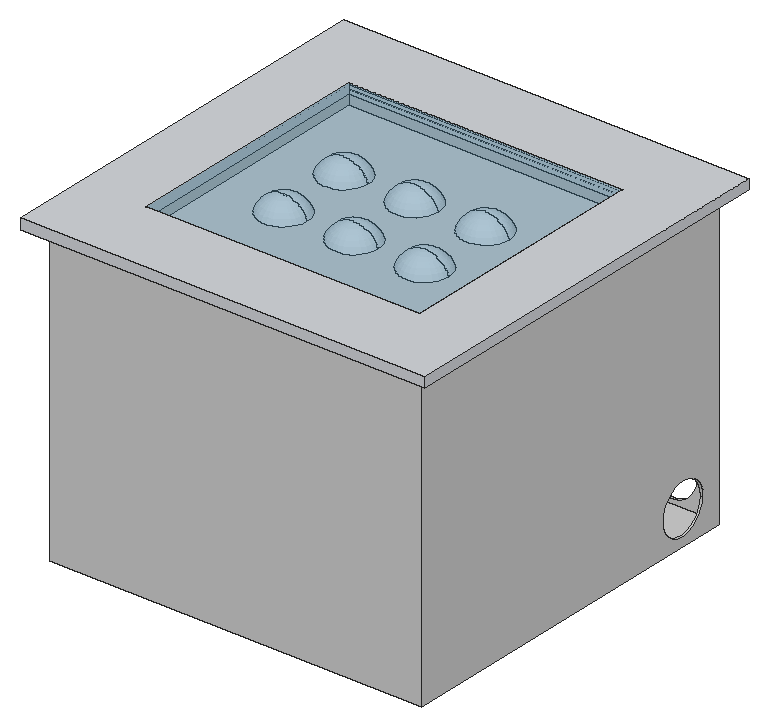
Revit family "WALL SQUARE 6W SIMETRICA_LKB0635A_WW", category Luminarias, Revit 2019
Family settings
  Cota de conector redondo = Diámetro de uso
  Tipo de pieza = Normal
  Se basa en plano de trabajo = Sí
  Siempre vertical = No
  Corte con vacíos al cargar = No
  Origen de luz = Sí
  Compartido = No
  Punto de cálculo de habitación = No
Parameters (values of type "EMP_LKB0635A.13")
  Ángulo de inclinación = 105.00°
  Ángulo de enfoque = 13.00°
  Ángulo de campo de foco = 13.00°
  Zone [instance] = ""
  Watt per fixture = 6
  Wattage = 6 W
  built-in parameter 1150107 = 2000 (stored number, unit not read)
  built-in parameter 1150110 = 1 (stored number, unit not read)
  built-in parameter 1150109 = 1 (stored number, unit not read)
  built-in parameter 1150112 = 1 (stored number, unit not read)
  built-in parameter 1150113 = 1 (stored number, unit not read)
  built-in parameter 1114218 = 1 (stored number, unit not read)
  Keynote = ""
  built-in parameter 1150137 = (empty or 0)
  built-in parameter 1150132 = (empty or 0)
  Modelo = "LKB0635A.13"
  Lámpara = "OSRAM"
  Longitud de símbolo de origen de luz = 500 mm
  Longitud [instance] = 1000 mm
  built-in parameter 1150105 = 1738.2 (stored number, unit not read)
  built-in parameter 1150102 = (empty or 0)
  built-in parameter 1150106 = 17.382 (stored number, unit not read)
  Lumens = 268.98 lm
  Color Filter = 16777215
  built-in parameter 1114217 = 1 (stored number, unit not read)
  built-in parameter 1150139 = (empty or 0)
  Fabricante = "BRILLANT"
  Default Elevation = 0 mm
  built-in parameter 1150104 = 4.1648 (stored number, unit not read)
  Descripción = "LUMINARIA TIPO CUADRADO PARA EMPOTRAR EN PISO CON CUERPO DE ALUMINIO FUNDIDO A PRESION, CUBIERTO CON POLVO GRIS OSCURO CON CUBIERTA DE ACERO INOXIDABLE Y VIDRIO TEMPLADO DE 8MM, HOUSING DE METAL 1.5MM CUBIERTO DE POLVO GRIS OSCURO DE 160MM Y 118MM DE PROFUNDO CON PESO DE 2.5KG. CUENTA CON 6 LED TIPO OSRAM CON UNA POTENCIA TOTAL DE 6W, TEMPERATURA EN BLANCO ULTRA CALIDO EN 2000K CON 269 LUMENES, IP67, IK09, IRC 80 APERTURA EN 13 GRADOS POR PROYECTO, ALIMENTADA A 100-240V."
  built-in parameter 1150115 = 1 (stored number, unit not read)
  built-in parameter 1150114 = 1 (stored number, unit not read)
  Comentarios de vataje = "100-240V"
  built-in parameter 1150138 = (empty or 0)
  built-in parameter 1150134 = (empty or 0)
  Circuit [instance] = ""
  Dimming Lamp Color Temperature Shift = (empty or 0)
  Ancho = 160 mm
  built-in parameter 1150133 = 10 (stored number, unit not read)
Types (8, lengths in mm): name | Ángulo de enfoque | Ángulo de campo de foco | built-in parameter 1150107 | Modelo | Descripción
  EMP_LKB0635A.30 | 30.00° | 30.00° | 2000 (stored number, unit not read) | "LKB0635A.30" | "LUMINARIA TIPO CUADRADO PARA EMPOTRAR EN PISO CON CUERPO DE ALUMINIO FUNDIDO A PRESION, CUBIERTO CON POLVO GRIS OSCURO CON CUBIERTA DE ACERO INOXIDABLE Y VIDRIO TEMPLADO DE 8MM, HOUSING DE METAL 1.5MM CUBIERTO DE POLVO GRIS OSCURO DE 160MM Y 118MM DE PROFUNDO CON PESO DE 2.5KG. CUENTA CON 6 LED TIPO OSRAM CON UNA POTENCIA TOTAL DE 6W, TEMPERATURA EN BLANCO ULTRA CALIDO EN 2000K CON 269 LUMENES, IP67, IK09, IRC 80 APERTURA EN 30 GRADOS POR STOCK, ALIMENTADA A 100-240V."
  EMP_LKB0635A.6 | 6.00° | 6.00° | 2000 (stored number, unit not read) | "LKB0635A.6" | "LUMINARIA TIPO CUADRADO PARA EMPOTRAR EN PISO CON CUERPO DE ALUMINIO FUNDIDO A PRESION, CUBIERTO CON POLVO GRIS OSCURO CON CUBIERTA DE ACERO INOXIDABLE Y VIDRIO TEMPLADO DE 8MM, HOUSING DE METAL 1.5MM CUBIERTO DE POLVO GRIS OSCURO DE 160MM Y 118MM DE PROFUNDO CON PESO DE 2.5KG. CUENTA CON 6 LED TIPO OSRAM CON UNA POTENCIA TOTAL DE 6W, TEMPERATURA EN BLANCO ULTRA CALIDO EN 2000K CON 269 LUMENES, IP67, IK09, IRC 80 APERTURA EN 6 GRADOS POR PROYECTO, ALIMENTADA A 100-240V."
  EMP_LKB0635A.13 | 13.00° | 13.00° | 2000 (stored number, unit not read) | "LKB0635A.13" | "LUMINARIA TIPO CUADRADO PARA EMPOTRAR EN PISO CON CUERPO DE ALUMINIO FUNDIDO A PRESION, CUBIERTO CON POLVO GRIS OSCURO CON CUBIERTA DE ACERO INOXIDABLE Y VIDRIO TEMPLADO DE 8MM, HOUSING DE METAL 1.5MM CUBIERTO DE POLVO GRIS OSCURO DE 160MM Y 118MM DE PROFUNDO CON PESO DE 2.5KG. CUENTA CON 6 LED TIPO OSRAM CON UNA POTENCIA TOTAL DE 6W, TEMPERATURA EN BLANCO ULTRA CALIDO EN 2000K CON 269 LUMENES, IP67, IK09, IRC 80 APERTURA EN 13 GRADOS POR PROYECTO, ALIMENTADA A 100-240V."
  EMP_LKB0635A.20 | 20.00° | 20.00° | 2000 (stored number, unit not read) | "LKB0635A.20" | "LUMINARIA TIPO CUADRADO PARA EMPOTRAR EN PISO CON CUERPO DE ALUMINIO FUNDIDO A PRESION, CUBIERTO CON POLVO GRIS OSCURO CON CUBIERTA DE ACERO INOXIDABLE Y VIDRIO TEMPLADO DE 8MM, HOUSING DE METAL 1.5MM CUBIERTO DE POLVO GRIS OSCURO DE 160MM Y 118MM DE PROFUNDO CON PESO DE 2.5KG. CUENTA CON 6 LED TIPO OSRAM CON UNA POTENCIA TOTAL DE 6W, TEMPERATURA EN BLANCO ULTRA CALIDO EN 2000K CON 269 LUMENES, IP67, IK09, IRC 80 APERTURA EN 20 GRADOS POR PROYECTO, ALIMENTADA A 100-240V."
  EMP_LKB0635WW.30 | 30.00° | 30.00° | 3000 (stored number, unit not read) | "LKB0635WW.30" | "LUMINARIA TIPO CUADRADO PARA EMPOTRAR EN PISO CON CUERPO DE ALUMINIO FUNDIDO A PRESION, CUBIERTO CON POLVO GRIS OSCURO CON CUBIERTA DE ACERO INOXIDABLE Y VIDRIO TEMPLADO DE 8MM, HOUSING DE METAL 1.5MM CUBIERTO DE POLVO GRIS OSCURO DE 160MM Y 118MM DE PROFUNDO CON PESO DE 2.5KG. CUENTA CON 6 LED TIPO OSRAM CON UNA POTENCIA TOTAL DE 6W, TEMPERATURA EN BLANCO CALIDO EN 3000K CON 269 LUMENES, IP67, IK09, IRC 80 APERTURA EN 30 GRADOS POR STOCK, ALIMENTADA A 100-240V."
  EMP_LKB0635WW.6 | 6.00° | 6.00° | 3000 (stored number, unit not read) | "LKB0635WW.6" | "LUMINARIA TIPO CUADRADO PARA EMPOTRAR EN PISO CON CUERPO DE ALUMINIO FUNDIDO A PRESION, CUBIERTO CON POLVO GRIS OSCURO CON CUBIERTA DE ACERO INOXIDABLE Y VIDRIO TEMPLADO DE 8MM, HOUSING DE METAL 1.5MM CUBIERTO DE POLVO GRIS OSCURO DE 160MM Y 118MM DE PROFUNDO CON PESO DE 2.5KG. CUENTA CON 6 LED TIPO OSRAM CON UNA POTENCIA TOTAL DE 6W, TEMPERATURA EN BLANCO CALIDO EN 3000K CON 269 LUMENES, IP67, IK09, IRC 80 APERTURA EN 6 GRADOS POR PROYECTO, ALIMENTADA A 100-240V."
  EMP_LKB0635WW.13 | 13.00° | 13.00° | 3000 (stored number, unit not read) | "LKB0635WW.13" | "LUMINARIA TIPO CUADRADO PARA EMPOTRAR EN PISO CON CUERPO DE ALUMINIO FUNDIDO A PRESION, CUBIERTO CON POLVO GRIS OSCURO CON CUBIERTA DE ACERO INOXIDABLE Y VIDRIO TEMPLADO DE 8MM, HOUSING DE METAL 1.5MM CUBIERTO DE POLVO GRIS OSCURO DE 160MM Y 118MM DE PROFUNDO CON PESO DE 2.5KG. CUENTA CON 6 LED TIPO OSRAM CON UNA POTENCIA TOTAL DE 6W, TEMPERATURA EN BLANCO CALIDO EN 3000K CON 269 LUMENES, IP67, IK09, IRC 80 APERTURA EN 13 GRADOS POR PROYECTO, ALIMENTADA A 100-240V."
  EMP_LKB0635WW.20 | 20.00° | 20.00° | 3000 (stored number, unit not read) | "LKB0635WW.20" | "LUMINARIA TIPO CUADRADO PARA EMPOTRAR EN PISO CON CUERPO DE ALUMINIO FUNDIDO A PRESION, CUBIERTO CON POLVO GRIS OSCURO CON CUBIERTA DE ACERO INOXIDABLE Y VIDRIO TEMPLADO DE 8MM, HOUSING DE METAL 1.5MM CUBIERTO DE POLVO GRIS OSCURO DE 160MM Y 118MM DE PROFUNDO CON PESO DE 2.5KG. CUENTA CON 6 LED TIPO OSRAM CON UNA POTENCIA TOTAL DE 6W, TEMPERATURA EN BLANCO CALIDO EN 3000K CON 269 LUMENES, IP67, IK09, IRC 80 APERTURA EN 20 GRADOS POR PROYECTO, ALIMENTADA A 100-240V."
Reference planes
  plane 1 "Centro (Frontal/Posterior)": y = 0
  plane 2: z = 0
  plane 3 "Centro (Izquierda/Derecha)": x = 0
  plane 4: z = -79
  plane 5: x = -80
  plane 6: x = 80
  plane 7: y = 80
  plane 8: y = -80
  plane 9: z = -118
Forms (mm)
  Extrusion 1, solid
    sketch origin (0, 0, 0) x (1, 0, 0) y (0, 1, 0)
      loop
        line (-80, 80) -> (-80, -80) -> (80, -80) -> (80, 80) -> (-80, 80)
      loop
        line (-54.094, 50.157) -> (-54.094, -50.157) -> (54.094, -50.157) -> (54.094, 50.157) -> (-54.094, 50.157)
    from 0 to 4.111
  Extrusion 2, solid, material "Cristal"
    sketch origin (0, 0, 0) x (1, 0, 0) y (0, 1, 0)
      loop
        line (-54.094, 50.157) -> (-54.094, -50.157) -> (54.094, -50.157) -> (54.094, 50.157) -> (-54.094, 50.157)
    from 3.463 to 4.111
  Extrusion 3, solid, material "Acero Inoxidable"
    sketch origin (0, 0, 0) x (1, 0, 0) y (0, 1, 0)
      loop
        line (-67.186, 68.008) -> (-67.186, -68.008) -> (67.186, -68.008) -> (67.186, 68.008) -> (-67.186, 68.008)
    from -11.843 to -3.924
  Revolve 4, solid
    sketch origin (-12.115, -15, 0) x (-1, 0, 0) y (0, 0, 1)
      loop
        line (-21.594, -3.924) -> (-12.115, -3.924) -> (-12.115, 2.514)
        arc (-12.115, 2.514) -> (-17.844, 0.752) -> (-21.594, -3.924) r 10.197
      axis (-12.115, -3.924) -> (-12.115, 2.514)
    angle from 0 to 360
  Revolve 5, solid
    sketch origin (-15.865, -15, 0) x (1, 0, 0) y (0, 0, -1)
      loop
        arc (-21.594, 3.924) -> (-17.844, -0.752) -> (-12.115, -2.514) r 10.197
        line (-12.115, -2.514) -> (-12.115, 3.924) -> (-21.594, 3.924)
      axis (-12.115, 3.924) -> (-12.115, -2.514)
    angle from 0 to 360
  Extrusion 6, solid, material "Acero Inoxidable"
    sketch origin (0, 0, 0) x (1, 0, 0) y (0, 1, 0)
      loop
        line (-67.186, 68.008) -> (-67.186, -68.008) -> (67.186, -68.008) -> (67.186, 68.008) -> (-67.186, 68.008)
      loop
        line (-54.094, 50.157) -> (-54.094, -50.157) -> (54.094, -50.157) -> (54.094, 50.157) -> (-54.094, 50.157)
    from -3.924 to 2.027
  Revolve 7, solid
    sketch origin (-12.115, 15, 0) x (-1, 0, 0) y (0, 0, -1)
      loop
        arc (-21.594, 3.924) -> (-17.844, -0.752) -> (-12.115, -2.514) r 10.197
        line (-12.115, -2.514) -> (-12.115, 3.924) -> (-21.594, 3.924)
      axis (-12.115, 3.924) -> (-12.115, -2.514)
    angle from 0 to 360
  Revolve 8, solid
    sketch origin (-15.865, 15, 0) x (1, 0, 0) y (0, 0, 1)
      loop
        line (-21.594, -3.924) -> (-12.115, -3.924) -> (-12.115, 2.514)
        arc (-12.115, 2.514) -> (-17.844, 0.752) -> (-21.594, -3.924) r 10.197
      axis (-12.115, -3.924) -> (-12.115, 2.514)
    angle from 0 to 360
  Extrusion 9, solid, material "Acero Inoxidable"
    sketch origin (0, 0, 0) x (1, 0, 0) y (0, 1, 0)
      loop
        line (-63.03, 63.784) -> (-63.03, 25.405)
        arc (-63.03, 25.405) -> (-60.985, 23.359) -> (-63.03, 21.314) r 2.045
        line (-63.03, 21.314) -> (-63.03, 18.757)
        arc (-63.03, 18.757) -> (-60.985, 16.712) -> (-63.03, 14.666) r 2.045
        line (-63.03, 14.666) -> (-63.03, 12.109)
        arc (-63.03, 12.109) -> (-60.985, 10.064) -> (-63.03, 8.019) r 2.045
        line (-63.03, 8.019) -> (-63.03, 5.462)
        arc (-63.03, 5.462) -> (-60.985, 3.416) -> (-63.03, 1.371) r 2.045
        line (-63.03, 1.371) -> (-63.03, -18.871)
        arc (-63.03, -18.871) -> (-60.985, -20.916) -> (-63.03, -22.962) r 2.045
        line (-63.03, -22.962) -> (-63.03, -25.519)
        arc (-63.03, -25.519) -> (-60.985, -27.564) -> (-63.03, -29.609) r 2.045
        line (-63.03, -29.609) -> (-63.03, -32.166)
        arc (-63.03, -32.166) -> (-60.985, -34.212) -> (-63.03, -36.257) r 2.045
        line (-63.03, -36.257) -> (-63.03, -38.814)
        arc (-63.03, -38.814) -> (-60.985, -40.859) -> (-63.03, -42.905) r 2.045
        line (-63.03, -42.905) -> (-63.03, -63.784) -> (63.03, -63.784) -> (63.03, -42.905)
        arc (63.03, -42.905) -> (60.985, -40.859) -> (63.03, -38.814) r 2.045
        line (63.03, -38.814) -> (63.03, -36.257)
        arc (63.03, -36.257) -> (60.985, -34.212) -> (63.03, -32.166) r 2.045
        line (63.03, -32.166) -> (63.03, -29.609)
        arc (63.03, -29.609) -> (60.985, -27.564) -> (63.03, -25.519) r 2.045
        line (63.03, -25.519) -> (63.03, -22.962)
        arc (63.03, -22.962) -> (60.985, -20.916) -> (63.03, -18.871) r 2.045
        line (63.03, -18.871) -> (63.03, 1.371)
        arc (63.03, 1.371) -> (60.985, 3.416) -> (63.03, 5.462) r 2.045
        line (63.03, 5.462) -> (63.03, 8.019)
        arc (63.03, 8.019) -> (60.985, 10.064) -> (63.03, 12.109) r 2.045
        line (63.03, 12.109) -> (63.03, 14.666)
        arc (63.03, 14.666) -> (60.985, 16.712) -> (63.03, 18.757) r 2.045
        line (63.03, 18.757) -> (63.03, 21.314)
        arc (63.03, 21.314) -> (60.985, 23.359) -> (63.03, 25.405) r 2.045
        line (63.03, 25.405) -> (63.03, 63.784) -> (-63.03, 63.784)
    from -79 to -11.843
  Extrusion 10, solid, material "Acero Inoxidable"
    sketch origin (0, 0, 0) x (1, 0, 0) y (0, 1, 0)
      loop
        line (30.126, 56.971) -> (26.662, 62.97) -> (19.735, 62.97) -> (16.271, 56.971) -> (19.735, 50.971) -> (26.662, 50.971) -> (30.126, 56.971)
    from -84.158 to -79
  Revolve 11, solid, material "Default Form"
    sketch origin (11.084, 39.506, -84.082) x (-1, 0, 0) y (0, 0, -1)
      loop
        line (-17.857, 0.076) -> (-12.115, 0.076) -> (-12.115, 3.18)
        arc (-12.115, 3.18) -> (-15.379, 2.354) -> (-17.857, 0.076) r 6.863
      axis (-12.115, 0.076) -> (-12.115, 3.18)
    angle from 0 to 360
  Extrusion 12, solid, material "Default Form"
    sketch origin (0, 0, 0) x (1, 0, 0) y (0, 1, 0)
      loop
        circle (23.199, 57.006) r 3.292
    from -113.143 to -81.094
  Extrusion 13, solid, material "Acero Inoxidable"
    sketch origin (0, 0, 0) x (1, 0, 0) y (0, 1, 0)
      loop
        line (-73.5, 73.5) -> (-73.5, -73.5) -> (73.5, -73.5) -> (73.5, 73.5) -> (-73.5, 73.5)
      loop
        line (-72.5, 72.5) -> (-72.5, -72.5) -> (72.5, -72.5) -> (72.5, 72.5) -> (-72.5, 72.5)
    from -118 to 0
  Extrusion 14, void
    sketch origin (0, 0, -25.625) x (1, 0, 0) y (0, 0, 1)
      loop
        circle (55.705, -79) r 10
    from -73.5 to -50.508
  Extrusion 15, void
    sketch origin (0, 0, -25.625) x (0, 1, 0) y (0, 0, 1)
      loop
        circle (55.7, -79) r 10
    from 49.686 to 73.5
  Extrusion 16, solid, material "Acero Inoxidable"
    sketch origin (0, 0, 0) x (1, 0, 0) y (0, 1, 0)
      loop
        line (73.5, 73.5) -> (-73.5, 73.5) -> (-73.5, -73.5) -> (73.5, -73.5) -> (73.5, 73.5)
    from -118 to -116.348
  Revolve 17, solid
    sketch origin (15.865, -15, 0) x (-1, 0, 0) y (0, 0, 1)
      loop
        line (-21.594, -3.924) -> (-12.115, -3.924) -> (-12.115, 2.514)
        arc (-12.115, 2.514) -> (-17.844, 0.752) -> (-21.594, -3.924) r 10.197
      axis (-12.115, -3.924) -> (-12.115, 2.514)
    angle from 0 to 360
  Revolve 18, solid
    sketch origin (15.865, 15, 0) x (-1, 0, 0) y (0, 0, -1)
      loop
        arc (-21.594, 3.924) -> (-17.844, -0.752) -> (-12.115, -2.514) r 10.197
        line (-12.115, -2.514) -> (-12.115, 3.924) -> (-21.594, 3.924)
      axis (-12.115, 3.924) -> (-12.115, -2.514)
    angle from 0 to 360
Cuts and joins
  joined: Extrusion 3, Extrusion 6
  Extrusion 14, Extrusion 15 cuts Extrusion 9
  Extrusion 14, Extrusion 15 cuts Extrusion 13
  joined: Extrusion 13, Extrusion 16
Dimensions and locks
  level to plane 4 = 79 mm
  equal spacing: plane 5, plane 3 "Centro (Izquierda/Derecha)", plane 6
  plane 5 to plane 3 "Centro (Izquierda/Derecha)" = 80 mm
  "Ancho": plane 5 to plane 6
  equal spacing: plane 7, plane 1 "Centro (Frontal/Posterior)", plane 8
  plane 1 "Centro (Frontal/Posterior)" to plane 7 = 80 mm
  "Ancho": plane 7 to plane 8
  plane 2 to plane 4 = 79 mm
  plane 2 to plane 9 = 118 mm
  equal spacing: Extrusion 1 sketch curve, plane 1 "Centro (Frontal/Posterior)", Extrusion 1 sketch curve
  equal spacing: Extrusion 1 sketch curve, plane 3 "Centro (Izquierda/Derecha)", Extrusion 1 sketch curve
  equal spacing: Extrusion 3 sketch curve, plane 3 "Centro (Izquierda/Derecha)", Extrusion 3 sketch curve
  equal spacing: Extrusion 3 sketch curve, plane 1 "Centro (Frontal/Posterior)", Extrusion 3 sketch curve
  aligned and locked: level to plane 2
  aligned and locked: Extrusion 1 sketch curve to plane 7
  aligned and locked: plane 5 to Extrusion 1 sketch curve
  aligned and locked: plane 8 to Extrusion 1 sketch curve
  aligned and locked: Extrusion 1 sketch curve to plane 6
  aligned and locked: Extrusion 2 sketch curve to Extrusion 1  (x4)
  aligned and locked: Extrusion 1 to Extrusion 2
  aligned and locked: Extrusion 13 to plane 9
Automatic sketch dimensions
  plane 5 to Extrusion 1 sketch curve = 25.906 mm
  plane 8 to Extrusion 1 sketch curve = 29.843 mm
  plane 5 to Extrusion 3 sketch curve = 12.814 mm
  plane 8 to Extrusion 3 sketch curve = 11.992 mm
  Revolve 4 sketch curve to plane 3 "Centro (Izquierda/Derecha)" = 0 mm  (x2)
  Revolve 4 sketch curve to level = 3.924 mm
  plane 3 "Centro (Izquierda/Derecha)" to Revolve 4 sketch curve = 9.479 mm
  Revolve 4 sketch curve to Revolve 4 sketch curve = 3.759 mm
  Revolve 4 sketch curve to Revolve 4 sketch curve = 0 mm
  Revolve 4 sketch curve to Revolve 4 sketch curve = 15 mm
  Revolve 5 sketch curve to level = 3.924 mm
  Revolve 5 sketch curve to plane 3 "Centro (Izquierda/Derecha)" = 37.459 mm
  level to Revolve 5 sketch curve = 2.514 mm
  Revolve 5 sketch curve to Revolve 5 sketch curve = 9.479 mm
  Revolve 5 sketch curve to Revolve 5 sketch curve = 0 mm  (x2)
  Revolve 5 sketch curve to Revolve 5 sketch curve = 15 mm
  plane 5 to Extrusion 6 sketch curve = 12.814 mm
  Extrusion 6 sketch curve to Extrusion 6 sketch curve = 13.092 mm
  Extrusion 6 sketch curve to plane 6 = 25.906 mm
  Extrusion 6 sketch curve to plane 6 = 12.814 mm
  plane 8 to Extrusion 6 sketch curve = 11.992 mm
  Extrusion 6 sketch curve to Extrusion 6 sketch curve = 17.851 mm
  Extrusion 6 sketch curve to plane 7 = 29.843 mm
  Extrusion 6 sketch curve to plane 7 = 11.992 mm
  Revolve 7 sketch curve to plane 3 "Centro (Izquierda/Derecha)" = 0 mm  (x2)
  Revolve 7 sketch curve to level = 3.924 mm
  plane 3 "Centro (Izquierda/Derecha)" to Revolve 7 sketch curve = 9.479 mm
  level to Revolve 7 sketch curve = 2.514 mm
  Revolve 7 sketch curve to Revolve 7 sketch curve = 0 mm
  Revolve 7 sketch curve to Revolve 7 sketch curve = 15 mm
  Revolve 8 sketch curve to level = 3.924 mm
  Revolve 8 sketch curve to plane 3 "Centro (Izquierda/Derecha)" = 37.459 mm
  level to Revolve 8 sketch curve = 2.514 mm
  Revolve 8 sketch curve to Revolve 8 sketch curve = 9.479 mm
  Revolve 8 sketch curve to Revolve 8 sketch curve = 0 mm  (x2)
  Revolve 8 sketch curve to Revolve 8 sketch curve = 15 mm
  plane 5 to Extrusion 9 sketch curve = 16.97 mm
  Extrusion 9 sketch curve to plane 6 = 16.97 mm
  plane 8 to Extrusion 9 sketch curve = 16.216 mm
  Extrusion 9 sketch curve to Extrusion 9 sketch curve = 20.879 mm  (x2)
  Extrusion 9 sketch curve to Extrusion 9 sketch curve = 2.045 mm  (x16)
  Extrusion 9 sketch curve to Extrusion 9 sketch curve = 2.557 mm  (x12)
  Extrusion 9 sketch curve to plane 1 "Centro (Frontal/Posterior)" = 1.371 mm  (x2)
  Extrusion 9 sketch curve to plane 7 = 16.216 mm
  plane 3 "Centro (Izquierda/Derecha)" to Extrusion 10 sketch curve = 16.271 mm
  Extrusion 10 sketch curve to Extrusion 10 sketch curve = 3.464 mm  (x3)
  Extrusion 10 sketch curve to Extrusion 10 sketch curve = 6.928 mm  (x2)
  Extrusion 10 sketch curve to plane 7 = 29.029 mm
  Extrusion 10 sketch curve to Extrusion 10 sketch curve = 6 mm  (x3)
  Revolve 11 sketch curve to plane 4 = 5.158 mm
  plane 3 "Centro (Izquierda/Derecha)" to Revolve 11 sketch curve = 28.941 mm
  Revolve 11 sketch curve to Revolve 11 sketch curve = 5.742 mm
  Revolve 11 sketch curve to plane 4 = 1.398 mm
  Revolve 11 sketch curve to Revolve 11 sketch curve = 0 mm
  Revolve 11 sketch curve to Revolve 11 sketch curve = 3.334 mm
  Revolve 11 sketch curve to plane 9 = 6.596 mm
  plane 3 "Centro (Izquierda/Derecha)" to Extrusion 12 sketch curve = 23.199 mm
  Extrusion 12 sketch curve to plane 7 = 22.994 mm
  plane 5 to Extrusion 13 sketch curve = 6.5 mm
  Extrusion 13 sketch curve to Extrusion 13 sketch curve = 1 mm  (x4)
  Extrusion 13 sketch curve to plane 6 = 7.5 mm
  plane 8 to Extrusion 13 sketch curve = 6.5 mm
  Extrusion 13 sketch curve to plane 7 = 7.5 mm
  Extrusion 14 sketch curve to plane 6 = 24.295 mm
  plane 9 to Extrusion 14 sketch curve = 13.375 mm
  Extrusion 15 sketch curve to plane 7 = 24.3 mm
  plane 9 to Extrusion 15 sketch curve = 13.375 mm
  plane 5 to Extrusion 16 sketch curve = 6.5 mm
  Extrusion 16 sketch curve to plane 6 = 6.5 mm
  plane 8 to Extrusion 16 sketch curve = 6.5 mm
  Extrusion 16 sketch curve to plane 7 = 6.5 mm
  Revolve 17 sketch curve to level = 3.924 mm
  plane 3 "Centro (Izquierda/Derecha)" to Revolve 17 sketch curve = 37.459 mm
  level to Revolve 17 sketch curve = 2.514 mm
  Revolve 17 sketch curve to Revolve 17 sketch curve = 9.479 mm
  Revolve 17 sketch curve to Revolve 17 sketch curve = 0 mm  (x2)
  Revolve 17 sketch curve to Revolve 17 sketch curve = 15 mm
  Revolve 18 sketch curve to level = 3.924 mm
  plane 3 "Centro (Izquierda/Derecha)" to Revolve 18 sketch curve = 37.459 mm
  level to Revolve 18 sketch curve = 2.514 mm
  Revolve 18 sketch curve to Revolve 18 sketch curve = 9.479 mm
  Revolve 18 sketch curve to Revolve 18 sketch curve = 0 mm  (x2)
  Revolve 18 sketch curve to Revolve 18 sketch curve = 15 mm
  radius of Extrusion 12 sketch curve = 3.292 mm
  radius of Extrusion 14 sketch curve = 10 mm
  radius of Extrusion 15 sketch curve = 10 mm
Connectors
  electrical at (0, 0, -116.348)
    settings: on cut or joined group of Extrusion 13, Extrusion 14, Extrusion 15, Extrusion 16, index 1, voltage 240 V, apparent load 0 VA, apparent load phase1 0 VA, apparent load phase2 0 VA, apparent load phase3 0 VA, power factor 1, load classification "Otro", number of poles 1, system type 31, power factor state 1, is connector primary yes, connector utility no, sub classification motor no, connector description ""
